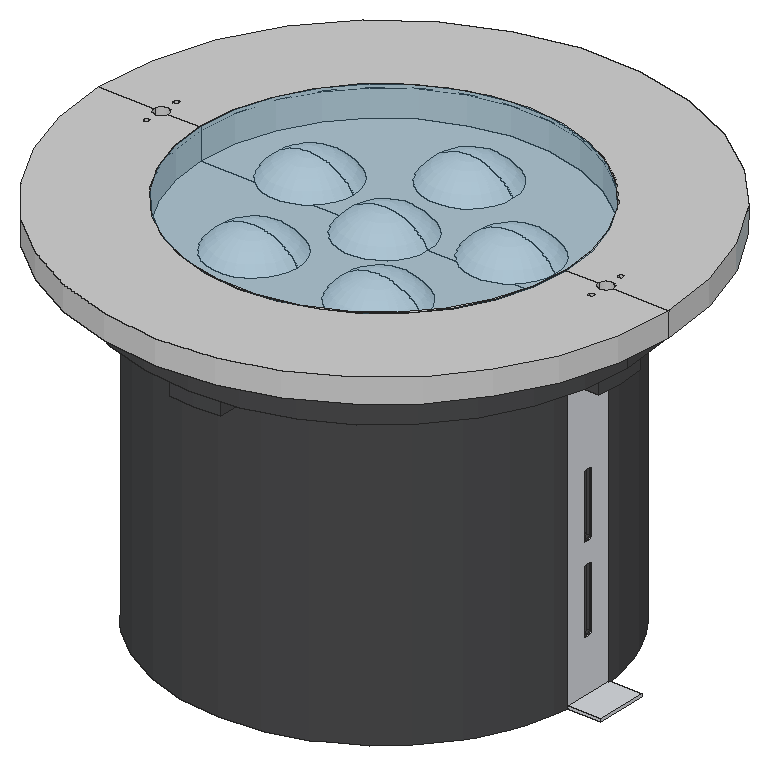
Revit family "INGROUND 18W ASIMETRICA_EM18AW.1", category Luminarias, Revit 2019
Family settings
  Cota de conector redondo = Diámetro de uso
  Tipo de pieza = Normal
  Se basa en plano de trabajo = Sí
  Siempre vertical = No
  Corte con vacíos al cargar = No
  Origen de luz = Sí
  Compartido = No
  Punto de cálculo de habitación = No
Parameters (values of type "EMP_EM18AW.1")
  Ángulo de inclinación = 105.00°
  Zone [instance] = ""
  Watt per fixture = 18.6
  Wattage = 18.6 W
  built-in parameter 1150107 = 3000 (stored number, unit not read)
  built-in parameter 1150110 = 1 (stored number, unit not read)
  built-in parameter 1150109 = 1 (stored number, unit not read)
  built-in parameter 1150112 = 1 (stored number, unit not read)
  built-in parameter 1150113 = 1 (stored number, unit not read)
  built-in parameter 1114218 = 1 (stored number, unit not read)
  Keynote = ""
  built-in parameter 1150142 = "IESNA:LM-63-1995\r\n[TEST] \r\n[DATE] 2015-5-3\r\n[MANUFAC] BRILLANTE ILUMINACION\r\n[LUMCAT] EM18AW.1\r\n[LUMINAIRE] INGROUND 18W ASIMÉTRICA\r\n[LAMPCAT] 3000K\r\n[LAMP] \r\nTILT=NONE\r\n1 -1 1.0 19 9 1 2 0.000 0.000 0.000\r\n1 1 17.5\r\n0.0 5.0 10.0 15.0 20.0 25.0 30.0 35.0 40.0 45.0 50.0 55.0 60.0 65.0 70.0 75.0 80.0 85.0 90.0\r\n0.0 45.0 90.0 135.0 180.0 225.0 270.0 315.0 360.0 \r\n2418.766 4033.976 5390.104 5401.236 4161.492 2585.752 1394.282 712.878 381.436 197.954 121.849 81.874 62.544 61.127 56.573 40.785 17.711 2.024 0.506\r\n2016.785 2937.941 3005.747 2325.659 1471.500 797.484 481.223 254.021 161.116 109.604 79.748 60.419 49.185 40.077 31.474 22.062 9.918 3.137 0.304\r\n2196.118 1811.140 1150.786 627.361 349.760 198.865 146.037 108.895 88.148 73.676 61.127 48.881 37.648 27.426 17.508 8.805 2.834 0.708 0.304\r\n2013.851 1299.454 686.565 365.750 199.675 152.008 114.866 95.233 82.582 72.664 61.329 50.703 41.493 32.385 22.265 12.549 4.352 0.911 0.405\r\n2418.766 1205.335 633.535 376.174 248.657 178.726 140.471 119.926 108.693 99.382 88.756 76.409 63.353 52.525 35.118 19.026 7.388 1.012 0.405\r\n2016.785 1274.862 688.185 371.923 201.800 157.878 117.497 95.435 81.671 71.753 60.823 50.602 41.595 32.992 23.176 13.662 5.465 0.708 0.304\r\n2196.118 1961.326 1377.381 791.412 494.987 252.402 165.670 120.331 93.816 77.927 65.074 53.233 42.101 31.171 21.152 11.740 4.453 0.708 0.304\r\n2013.851 3096.830 3269.889 2570.572 1630.390 901.724 529.295 283.573 174.981 116.283 82.886 61.734 51.513 39.469 30.361 21.253 11.031 3.542 1.214\r\n2418.766 4033.976 5390.104 5401.236 4161.492 2585.752 1394.282 712.878 381.436 197.954 121.849 81.874 62.544 61.127 56.573 40.785 17.711 2.024 0.506\r\n"
  built-in parameter 1150137 = (empty or 0)
  built-in parameter 1150132 = (empty or 0)
  Modelo = "EM18AW.1"
  Lámpara = "NICHIA"
  built-in parameter 1150105 = 103.99 (stored number, unit not read)
  built-in parameter 1150102 = (empty or 0)
  built-in parameter 1150106 = 1.0399 (stored number, unit not read)
  Lumens = 1306.84 lm
  Color Filter = 16777215
  built-in parameter 1114217 = 1 (stored number, unit not read)
  built-in parameter 1150139 = (empty or 0)
  Fabricante = "BRILLANT"
  Default Elevation = 0 mm
  built-in parameter 1150104 = 6.5274 (stored number, unit not read)
  Descripción = "LUMINARIA TIPO CIRCULAR PARA EMPOTRAR EN PISO CON CUERPO DE ALUMINIO FUNDIDO A PRESION CUBIERTO CON POLVO GRIS OSCURO, CON CUBIERTA DE ACERO INOXIDABLE Y VIDRIO TEMPLADO DE 8MM, HOUSING TIPO ABS DE 171.5MM DE DIAMETRO Y 123.6MM DE PROFUNDO. CUENTA CON 6 LED TIPO NICHIA CON UNA POTENCIA TOTAL DE 18.6W, A UNA TEMPERATURA EN BLANCO CALIDO 3000K CON 1307 LUMENES, 156mA EN CORRIENTE DE OPERACIÓN, IP67, IK09, IRC 80, DISPONIBLE PARA ATENUAR EN TRIAC (OPCIONAL), APERTURA ASIMETRICA EN 45/35 GRADOS EN STOCK, ALIMENTADA A 100-277V"
  built-in parameter 1150115 = 1 (stored number, unit not read)
  built-in parameter 1150114 = 1 (stored number, unit not read)
  Comentarios de vataje = "100-277V"
  built-in parameter 1150138 = (empty or 0)
  built-in parameter 1150134 = (empty or 0)
  Circuit [instance] = ""
  Dimming Lamp Color Temperature Shift = (empty or 0)
  Archivo de red fotométrica = "EM18AW.1.IES"
  built-in parameter 1150133 = 10 (stored number, unit not read)
Reference planes
  plane 1 "Centro (Frontal/Posterior)": y = 0
  plane 2: z = 0
  plane 3 "Centro (Izquierda/Derecha)": x = 0
  plane 4: z = -123.6
  plane 5: x = -653.678
  plane 6: x = 600
  plane 7: x = -90
  plane 8: x = 90
  plane 9: x = -78
  plane 10: x = 78
Forms (mm)
  Revolve 1, solid, material "Acero Inoxidable"
    sketch origin (0, 0, 0) x (1, 0, 0) y (0, 0, 1)
      loop
        line (-64.334, 7.629) -> (-100, 7.629) -> (-100, -0.88) -> (-72.479, -0.88) -> (-72.479, -12.767) -> (-57.479, -12.767) -> (-57.479, -60) -> (0, -60) -> (0, -3.134) -> (-64.334, -3.134) -> (-64.334, 7.629)
      axis (0, 7.629) -> (0, -60)
    angle from 0 to 360
  Extrusion 2, solid, material "Cristal"
    sketch origin (0, 0, 0) x (1, 0, 0) y (0, 1, 0)
      loop
        circle (0, 0) r 64.334
    from 6.498 to 7.824
  Extrusion 3, solid, material "Plastico"
    sketch origin (0, 0, 0) x (1, 0, 0) y (0, 1, 0)
      loop
        circle (0, 0) r 10
    from -75.376 to -67.99
  Extrusion 4, solid, material "Cobre"
    sketch origin (0, 0, 0) x (1, 0, 0) y (0, 1, 0)
      loop
        line (12.101, 0) -> (6.051, 10.48) -> (-6.051, 10.48) -> (-12.101, 0) -> (-6.051, -10.48) -> (6.051, -10.48) -> (12.101, 0)
    from -67.99 to -60
  Revolve 5, solid, material "Plastico"
    sketch origin (0, 0, 0) x (1, 0, 0) y (0, 0, 1)
      loop
        line (-85.75, -0.88) -> (-85.75, -15.267) -> (-72.423, -15.267) -> (-72.423, -123.6) -> (0, -123.6) -> (0, -121.1) -> (-69.88, -121.1) -> (-69.88, -12.767) -> (-83.293, -12.767) -> (-83.293, -0.88) -> (-85.75, -0.88)
      axis (0, -0.88) -> (0, -123.6)
    angle from 0 to 360
  Extrusion 6, solid, material "Plastico"
    sketch origin (0, 0, 0) x (1, 0, 0) y (0, 1, 0)
      loop
        line (-9, -71.918) -> (-9, -82.576)
        arc (-9, -82.576) -> (-0.003, -83.209) -> (9, -82.666) r 69.169
        line (9, -82.666) -> (9, -71.918)
        arc (9, -71.918) -> (0, -72.479) -> (-9, -71.918) r 72.479
      loop
        arc (-9, 71.918) -> (0, 72.479) -> (9, 71.918) r 72.479
        line (9, 71.918) -> (9, 82.666)
        arc (9, 82.666) -> (-0.003, 83.209) -> (-9, 82.576) r 69.169
        line (-9, 82.576) -> (-9, 71.918)
      loop
        line (71.917, -8.997) -> (82.575, -8.997)
        arc (82.575, -8.997) -> (83.209, 0) -> (82.666, 9.003) r 69.169
        line (82.666, 9.003) -> (71.917, 9.003)
        arc (71.917, 9.003) -> (72.478, 0.003) -> (71.917, -8.997) r 72.479
      loop
        arc (-71.917, -8.997) -> (-72.478, 0.003) -> (-71.917, 9.003) r 72.479
        line (-71.917, 9.003) -> (-82.666, 9.003)
        arc (-82.666, 9.003) -> (-83.209, 0) -> (-82.575, -8.997) r 69.169
        line (-82.575, -8.997) -> (-71.917, -8.997)
    from -21.197 to -15.267
  Extrusion 7, void
    sketch origin (0, 0, 0) x (1, 0, 0) y (0, 1, 0)
      loop
        line (-74.25, 9.003) -> (-74.25, -8.997) -> (-70.806, -8.997) -> (-70.806, 9.003) -> (-74.25, 9.003)
      loop
        line (74.25, 9.003) -> (70.806, 9.003) -> (70.806, -8.997) -> (74.25, -8.997) -> (74.25, 9.003)
    from -123.6 to -21.197
  Extrusion 8, void
    sketch origin (0, 0, 0) x (1, 0, 0) y (0, 1, 0)
      loop
        circle (-78, 6.504) r 0.895
      loop
        circle (-78, 0) r 2.557
      loop
        circle (-78, -6.504) r 0.895
      loop
        circle (78, 6.504) r 0.895
      loop
        circle (78, 0) r 2.557
      loop
        circle (78, -6.504) r 0.895
    from -3.838 to 7.824
  Revolve 9, solid
    sketch origin (31.265, 37.192, -3.091) x (-1, 0, 0) y (0, 0, 1)
      loop
        line (31.083, 0) -> (46.481, 0)
        arc (46.481, 0) -> (39.824, 6.053) -> (31.083, 8.187) r 18.242
        line (31.083, 8.187) -> (31.083, 0)
      axis (31.083, 8.187) -> (31.083, 0)
    angle from 0 to 360
  Extrusion 10, solid
    sketch origin (0, 0, 0) x (1, 0, 0) y (0, 0, 1)
      loop
        line (-70.806, -21.197) -> (-71.606, -21.197) -> (-71.606, -122.8) -> (-83.232, -122.8) -> (-83.232, -123.6) -> (-70.806, -123.6) -> (-70.806, -21.197)
      loop
        line (70.806, -21.197) -> (70.806, -123.6) -> (83.232, -123.6) -> (83.232, -122.8) -> (71.606, -122.8) -> (71.606, -21.197) -> (70.806, -21.197)
    from -9.003 to 8.997
  Extrusion 11, void
    sketch origin (0, 0, 0) x (0, 1, 0) y (0, 0, 1)
      loop
        line (1.004, -51.93) -> (-1.004, -51.93)
        arc (-1.004, -51.93) -> (-1.62, -52.185) -> (-1.875, -52.801) r 0.871
        line (-1.875, -52.801) -> (-1.875, -73.895)
        arc (-1.875, -73.895) -> (-1.62, -74.511) -> (-1.004, -74.766) r 0.871
        line (-1.004, -74.766) -> (1.004, -74.766)
        arc (1.004, -74.766) -> (1.62, -74.511) -> (1.875, -73.895) r 0.871
        line (1.875, -73.895) -> (1.875, -52.801)
        arc (1.875, -52.801) -> (1.62, -52.185) -> (1.004, -51.93) r 0.871
      loop
        line (1.004, -81.93) -> (-1.004, -81.93)
        arc (-1.004, -81.93) -> (-1.62, -82.185) -> (-1.875, -82.801) r 0.871
        line (-1.875, -82.801) -> (-1.875, -103.895)
        arc (-1.875, -103.895) -> (-1.62, -104.511) -> (-1.004, -104.766) r 0.871
        line (-1.004, -104.766) -> (1.004, -104.766)
        arc (1.004, -104.766) -> (1.62, -104.511) -> (1.875, -103.895) r 0.871
        line (1.875, -103.895) -> (1.875, -82.801)
        arc (1.875, -82.801) -> (1.62, -82.185) -> (1.004, -81.93) r 0.871
    from -74.158 to -68.356
  Extrusion 12, void
    sketch origin (0, 0, 0) x (0, 1, 0) y (0, 0, -1)
      loop
        arc (1.004, 51.93) -> (1.62, 52.185) -> (1.875, 52.801) r 0.871
        line (1.875, 52.801) -> (1.875, 73.895)
        arc (1.875, 73.895) -> (1.62, 74.511) -> (1.004, 74.766) r 0.871
        line (1.004, 74.766) -> (-1.004, 74.766)
        arc (-1.004, 74.766) -> (-1.62, 74.511) -> (-1.875, 73.895) r 0.871
        line (-1.875, 73.895) -> (-1.875, 52.801)
        arc (-1.875, 52.801) -> (-1.62, 52.185) -> (-1.004, 51.93) r 0.871
        line (-1.004, 51.93) -> (1.004, 51.93)
      loop
        arc (1.004, 81.93) -> (1.62, 82.185) -> (1.875, 82.801) r 0.871
        line (1.875, 82.801) -> (1.875, 103.895)
        arc (1.875, 103.895) -> (1.62, 104.511) -> (1.004, 104.766) r 0.871
        line (1.004, 104.766) -> (-1.004, 104.766)
        arc (-1.004, 104.766) -> (-1.62, 104.511) -> (-1.875, 103.895) r 0.871
        line (-1.875, 103.895) -> (-1.875, 82.801)
        arc (-1.875, 82.801) -> (-1.62, 82.185) -> (-1.004, 81.93) r 0.871
        line (-1.004, 81.93) -> (1.004, 81.93)
    from -74.158 to -68.356
  Revolve 13, solid
    sketch origin (66.637, 11.493, -3.091) x (-1, 0, 0) y (0, 0, 1)
      loop
        line (31.083, 0) -> (46.481, 0)
        arc (46.481, 0) -> (39.824, 6.053) -> (31.083, 8.187) r 18.242
        line (31.083, 8.187) -> (31.083, 0)
      axis (31.083, 8.187) -> (31.083, 0)
    angle from 0 to 360
  Revolve 14, solid
    sketch origin (53.126, -30.089, -3.091) x (-1, 0, 0) y (0, 0, 1)
      loop
        line (31.083, 0) -> (46.481, 0)
        arc (46.481, 0) -> (39.824, 6.053) -> (31.083, 8.187) r 18.242
        line (31.083, 8.187) -> (31.083, 0)
      axis (31.083, 8.187) -> (31.083, 0)
    angle from 0 to 360
  Revolve 15, solid
    sketch origin (9.405, -30.089, -3.091) x (-1, 0, 0) y (0, 0, 1)
      loop
        line (31.083, 0) -> (46.481, 0)
        arc (46.481, 0) -> (39.824, 6.053) -> (31.083, 8.187) r 18.242
        line (31.083, 8.187) -> (31.083, 0)
      axis (31.083, 8.187) -> (31.083, 0)
    angle from 0 to 360
  Revolve 16, solid
    sketch origin (-4.106, 11.493, -3.091) x (-1, 0, 0) y (0, 0, 1)
      loop
        line (31.083, 0) -> (46.481, 0)
        arc (46.481, 0) -> (39.824, 6.053) -> (31.083, 8.187) r 18.242
        line (31.083, 8.187) -> (31.083, 0)
      axis (31.083, 8.187) -> (31.083, 0)
    angle from 0 to 360
  Revolve 17, solid
    sketch origin (31.265, 0, -3.091) x (-1, 0, 0) y (0, 0, 1)
      loop
        line (31.083, 0) -> (46.481, 0)
        arc (46.481, 0) -> (39.824, 6.053) -> (31.083, 8.187) r 18.242
        line (31.083, 8.187) -> (31.083, 0)
      axis (31.083, 8.187) -> (31.083, 0)
    angle from 0 to 360
Cuts and joins
  Extrusion 7, Extrusion 12 cuts Revolve 5
  Extrusion 7, Extrusion 8, Extrusion 11 cuts Revolve 1
  Extrusion 11 cuts Extrusion 3
  Extrusion 11 cuts Extrusion 4
  Extrusion 11, Extrusion 12 cuts Extrusion 10
Dimensions and locks
  plane 2 to plane 4 = 123.6 mm
  level to plane 4 = 123.6 mm
  equal spacing: plane 7, plane 3 "Centro (Izquierda/Derecha)", plane 8
  plane 7 to plane 3 "Centro (Izquierda/Derecha)" = 90 mm
  plane 7 to plane 8 = 180 mm
  level to Extrusion 3 = 75.376 mm
  plane 8 to plane 7 = 180 mm
  equal spacing: plane 10, plane 3 "Centro (Izquierda/Derecha)", plane 9
  plane 3 "Centro (Izquierda/Derecha)" to plane 9 = 78 mm
  plane 10 to plane 9 = 156 mm
  plane 3 "Centro (Izquierda/Derecha)" to Revolve 5 sketch curve = 85.75 mm
  Revolve 1 sketch curve to Revolve 1 sketch curve = 100 mm
  aligned and locked: level to plane 2
Automatic sketch dimensions
  Revolve 1 sketch curve to plane 3 "Centro (Izquierda/Derecha)" = 0 mm  (x2)
  Revolve 1 sketch curve to level = 0.88 mm
  plane 9 to Revolve 1 sketch curve = 5.521 mm
  Revolve 1 sketch curve to level = 3.134 mm
  Revolve 1 sketch curve to Revolve 1 sketch curve = 8.145 mm
  Revolve 1 sketch curve to Revolve 1 sketch curve = 6.855 mm
  Revolve 1 sketch curve to Revolve 1 sketch curve = 9.634 mm
  Revolve 1 sketch curve to Revolve 1 sketch curve = 56.866 mm
  level to Revolve 1 sketch curve = 7.629 mm
  Revolve 1 sketch curve to Revolve 1 sketch curve = 17 mm
  level to Revolve 1 sketch curve = 40 mm
  plane 1 "Centro (Frontal/Posterior)" to Extrusion 2 sketch curve = 0 mm
  Extrusion 2 sketch curve to plane 3 "Centro (Izquierda/Derecha)" = 0 mm
  plane 1 "Centro (Frontal/Posterior)" to Extrusion 3 sketch curve = 0 mm
  Extrusion 3 sketch curve to plane 3 "Centro (Izquierda/Derecha)" = 0 mm
  Revolve 5 sketch curve to plane 4 = 0 mm
  Revolve 5 sketch curve to plane 3 "Centro (Izquierda/Derecha)" = 0 mm  (x2)
  Revolve 5 sketch curve to Revolve 5 sketch curve = 2.457 mm
  plane 9 to Revolve 5 sketch curve = 5.577 mm
  Revolve 5 sketch curve to Revolve 5 sketch curve = 2.544 mm
  plane 4 to Revolve 5 sketch curve = 2.5 mm
  Revolve 5 sketch curve to level = 15.267 mm
  Revolve 5 sketch curve to Revolve 5 sketch curve = 2.5 mm
  Revolve 5 sketch curve to level = 0.88 mm
  Revolve 5 sketch curve to plane 4 = 33.38 mm
  level to Revolve 5 sketch curve = 26.62 mm
  Extrusion 6 sketch curve to Extrusion 6 sketch curve = 0 mm  (x2)
  plane 1 "Centro (Frontal/Posterior)" to Extrusion 6 sketch curve = 0 mm
  Extrusion 6 sketch curve to plane 3 "Centro (Izquierda/Derecha)" = 0 mm  (x2)
  Extrusion 6 sketch curve to plane 3 "Centro (Izquierda/Derecha)" = 9 mm  (x2)
  Extrusion 6 sketch curve to plane 1 "Centro (Frontal/Posterior)" = 0.349 mm  (x2)
  Extrusion 6 sketch curve to plane 3 "Centro (Izquierda/Derecha)" = 14.041 mm
  plane 9 to Extrusion 6 sketch curve = 6.083 mm  (x2)
  Extrusion 6 sketch curve to plane 9 = 4.575 mm
  Extrusion 6 sketch curve to plane 9 = 4.666 mm
  plane 3 "Centro (Izquierda/Derecha)" to Extrusion 6 sketch curve = 0 mm
  plane 3 "Centro (Izquierda/Derecha)" to Extrusion 6 sketch curve = 0.346 mm  (x2)
  plane 3 "Centro (Izquierda/Derecha)" to Extrusion 6 sketch curve = 9 mm  (x2)
  plane 3 "Centro (Izquierda/Derecha)" to Extrusion 6 sketch curve = 14.041 mm
  Extrusion 6 sketch curve to plane 10 = 6.083 mm  (x2)
  plane 10 to Extrusion 6 sketch curve = 4.575 mm
  plane 10 to Extrusion 6 sketch curve = 4.666 mm
  plane 1 "Centro (Frontal/Posterior)" to Extrusion 6 sketch curve = 8.997 mm  (x2)
  plane 1 "Centro (Frontal/Posterior)" to Extrusion 6 sketch curve = 14.041 mm
  Extrusion 6 sketch curve to Extrusion 6 sketch curve = 57.877 mm  (x2)
  Extrusion 6 sketch curve to Extrusion 6 sketch curve = 10.658 mm  (x2)
  Extrusion 6 sketch curve to plane 1 "Centro (Frontal/Posterior)" = 14.041 mm
  plane 9 to Extrusion 7 sketch curve = 3.75 mm
  Extrusion 7 sketch curve to Extrusion 7 sketch curve = 3.444 mm  (x2)
  Extrusion 7 sketch curve to plane 10 = 7.194 mm
  plane 1 "Centro (Frontal/Posterior)" to Extrusion 7 sketch curve = 8.997 mm  (x2)
  Extrusion 7 sketch curve to plane 1 "Centro (Frontal/Posterior)" = 9.003 mm  (x2)
  plane 1 "Centro (Frontal/Posterior)" to Extrusion 8 sketch curve = 0 mm  (x2)
  Extrusion 8 sketch curve to plane 9 = 0 mm  (x3)
  Extrusion 8 sketch curve to plane 10 = 0 mm  (x3)
  plane 1 "Centro (Frontal/Posterior)" to Extrusion 8 sketch curve = 6.504 mm  (x2)
  Extrusion 8 sketch curve to plane 1 "Centro (Frontal/Posterior)" = 6.504 mm  (x2)
  plane 3 "Centro (Izquierda/Derecha)" to Revolve 9 sketch curve = 0.182 mm  (x2)
  plane 3 "Centro (Izquierda/Derecha)" to Revolve 9 sketch curve = 0.006 mm
  Revolve 9 sketch curve to level = 3.091 mm
  Revolve 9 sketch curve to plane 3 "Centro (Izquierda/Derecha)" = 15.216 mm
  Revolve 9 sketch curve to Revolve 9 sketch curve = 10.054 mm
  Revolve 9 sketch curve to Revolve 9 sketch curve = 1.925 mm
  Revolve 9 sketch curve to Revolve 9 sketch curve = 3.67 mm
  Extrusion 10 sketch curve to plane 4 = 0 mm  (x2)
  plane 4 to Extrusion 10 sketch curve = 0.8 mm  (x2)
  Extrusion 10 sketch curve to plane 9 = 5.232 mm
  plane 9 to Extrusion 10 sketch curve = 6.394 mm
  Extrusion 10 sketch curve to Extrusion 10 sketch curve = 0.8 mm  (x2)
  Extrusion 10 sketch curve to plane 10 = 7.194 mm
  plane 10 to Extrusion 10 sketch curve = 5.232 mm
  Extrusion 10 sketch curve to level = 21.197 mm  (x2)
  plane 1 "Centro (Frontal/Posterior)" to Extrusion 11 sketch curve = 1.875 mm  (x2)
  Extrusion 11 sketch curve to Extrusion 11 sketch curve = 0.871 mm  (x4)
  plane 1 "Centro (Frontal/Posterior)" to Extrusion 11 sketch curve = 1.004 mm  (x2)
  Extrusion 11 sketch curve to plane 1 "Centro (Frontal/Posterior)" = 1.004 mm  (x4)
  plane 4 to Extrusion 11 sketch curve = 18.834 mm
  Extrusion 11 sketch curve to Extrusion 11 sketch curve = 21.095 mm  (x2)
  Extrusion 11 sketch curve to Extrusion 11 sketch curve = 7.164 mm
  plane 1 "Centro (Frontal/Posterior)" to Extrusion 12 sketch curve = 1.875 mm  (x2)
  Extrusion 12 sketch curve to Extrusion 12 sketch curve = 0.871 mm  (x4)
  plane 1 "Centro (Frontal/Posterior)" to Extrusion 12 sketch curve = 1.004 mm  (x2)
  Extrusion 12 sketch curve to plane 1 "Centro (Frontal/Posterior)" = 1.004 mm  (x4)
  Extrusion 12 sketch curve to level = 51.93 mm
  Extrusion 12 sketch curve to Extrusion 12 sketch curve = 21.095 mm
  Extrusion 12 sketch curve to Extrusion 12 sketch curve = 7.164 mm
  plane 4 to Extrusion 12 sketch curve = 19.705 mm
  Revolve 13 sketch curve to level = 3.091 mm
  plane 3 "Centro (Izquierda/Derecha)" to Revolve 13 sketch curve = 35.554 mm
  Revolve 13 sketch curve to Revolve 13 sketch curve = 0.176 mm
  Revolve 13 sketch curve to Revolve 13 sketch curve = 15.398 mm
  Revolve 13 sketch curve to Revolve 13 sketch curve = 10.054 mm
  Revolve 13 sketch curve to Revolve 13 sketch curve = 0 mm
  Revolve 13 sketch curve to Revolve 13 sketch curve = 1.925 mm
  Revolve 13 sketch curve to Revolve 13 sketch curve = 3.67 mm
  Revolve 14 sketch curve to level = 3.091 mm
  plane 3 "Centro (Izquierda/Derecha)" to Revolve 14 sketch curve = 22.043 mm
  Revolve 14 sketch curve to Revolve 14 sketch curve = 0.176 mm
  plane 3 "Centro (Izquierda/Derecha)" to Revolve 14 sketch curve = 6.645 mm
  Revolve 14 sketch curve to Revolve 14 sketch curve = 10.054 mm
  Revolve 14 sketch curve to Revolve 14 sketch curve = 0 mm
  Revolve 14 sketch curve to Revolve 14 sketch curve = 1.925 mm
  Revolve 14 sketch curve to Revolve 14 sketch curve = 3.67 mm
  Revolve 15 sketch curve to level = 3.091 mm
  Revolve 15 sketch curve to plane 3 "Centro (Izquierda/Derecha)" = 21.679 mm
  Revolve 15 sketch curve to Revolve 15 sketch curve = 0.176 mm
  Revolve 15 sketch curve to Revolve 15 sketch curve = 15.398 mm
  Revolve 15 sketch curve to Revolve 15 sketch curve = 10.054 mm
  Revolve 15 sketch curve to Revolve 15 sketch curve = 0 mm
  Revolve 15 sketch curve to Revolve 15 sketch curve = 1.925 mm
  Revolve 15 sketch curve to Revolve 15 sketch curve = 3.67 mm
  Revolve 16 sketch curve to level = 3.091 mm
  Revolve 16 sketch curve to plane 3 "Centro (Izquierda/Derecha)" = 35.19 mm
  Revolve 16 sketch curve to Revolve 16 sketch curve = 0.176 mm
  Revolve 16 sketch curve to Revolve 16 sketch curve = 15.398 mm
  Revolve 16 sketch curve to Revolve 16 sketch curve = 10.054 mm
  Revolve 16 sketch curve to Revolve 16 sketch curve = 0 mm
  Revolve 16 sketch curve to Revolve 16 sketch curve = 1.925 mm
  Revolve 16 sketch curve to Revolve 16 sketch curve = 3.67 mm
  plane 3 "Centro (Izquierda/Derecha)" to Revolve 17 sketch curve = 0.182 mm  (x2)
  plane 3 "Centro (Izquierda/Derecha)" to Revolve 17 sketch curve = 0.006 mm
  Revolve 17 sketch curve to level = 3.091 mm
  Revolve 17 sketch curve to plane 3 "Centro (Izquierda/Derecha)" = 15.216 mm
  Revolve 17 sketch curve to Revolve 17 sketch curve = 10.054 mm
  Revolve 17 sketch curve to Revolve 17 sketch curve = 1.925 mm
  Revolve 17 sketch curve to Revolve 17 sketch curve = 3.67 mm
  radius of Extrusion 2 sketch curve = 64.334 mm
  radius of Extrusion 3 sketch curve = 10 mm
  radius of Extrusion 8 sketch curve = 0.895 mm  (x4)
  radius of Extrusion 8 sketch curve = 2.557 mm  (x2)
Connectors
  electrical at (0, 0, -121.1)
    settings: on cut or joined group of Revolve 5, Extrusion 7, Extrusion 12, index 1, voltage 277 V, apparent load 0 VA, apparent load phase1 0 VA, apparent load phase2 0 VA, apparent load phase3 0 VA, power factor 1, load classification "Otro", number of poles 1, system type 31, power factor state 1, is connector primary yes, connector utility no, sub classification motor no, connector description ""
